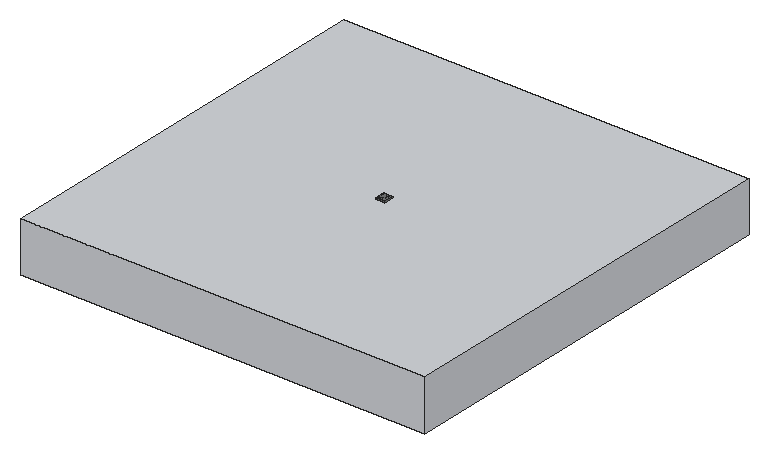
Revit family "Gira_264003", category Elektroinstallationen, Revit 2017
Family settings
  Basisbauteil = Fläche
  Beschriftungsausrichtung beibehalten = Nein
  Bemaßung runder Anschluss = Durchmesser verwenden
  Teiletyp = Normal
  Beim Laden mit Abzugskörper schneiden = Nein
  Gemeinsam genutzt = Nein
  Raumberechnungspunkt = Nein
Parameters
  With strain relief = no
  With imprint = no
  With hinged lid = no
  With dust cover = no
  Utilization = "Modular Jack"
  URL = "https://www.gira.de/"
  Typname = "Cov. 30° + in.sp. f. sup.ring MJ 2-g System 55 p.white"
  Type of fastening = "Other"
  Transparent = no
  Surface protection = "Other"
  Surface finishing = "Glossy"
  Support ring = no
  Suitable for degree of protection (IP) = "IP20"
  RAL-number (akin) = 9010
  Productwebsite = "http://katalog.gira.de/en/datenblatt.html?artikelnr=264003"
  Mounting method = "Other"
  Material quality = "Thermoplastic"
  Material = "Plastic"
  Luster terminal = no
  Imprintable label = "With indication plate"
  Hersteller = "Gira"
  Halogen free = yes
  HAN = "264003"
  GTIN = "4010337460138"
  Data sheet = "https://katalog.gira.de/en/download.html?artikelnr=264003"
  Colour = "White"
  Beschreibung = "Cov.30° in.sp.sup.r.MJ 2g Sys55 PW,Cover plate with 30 angled socket outlet and inscription field for Modular Jack support ring,,pure white glossy,"
  Bauelement = "Sys55_Abdeckung_Schalten und Tasten"
  Default Elevation = 1219.2 mm
  BIM = "https://media.stage.bim.site/public/gira/ad86d9f/Sys55_Abdeckung_Schalten%20und%20Tasten.rfa?public/gira/ad86d9f/Sys55_Abdeckung_Schalten und Tasten.rfa"
  Assembly arrangement = "Central cover plate"
  Anthrazit [instance] = Anthrazit
Reference planes
  plane 1 "Center (Front/Back)": y = 0
  plane 2: z = 0
  plane 3 "Center (Left/Right)": x = 0
Forms (mm)
  Extrusion 1, solid
    sketch origin (0, 0, 0) x (1, 0, 0) y (0, 1, 0)
      loop
        line (-1219.2, 1219.2) -> (-1219.2, -1219.2) -> (1219.2, -1219.2) -> (1219.2, 1219.2) -> (-1219.2, 1219.2)
    from 0 to -304.8
  Extrusion 2, solid, material "Anthrazit" <- "Anthrazit", detail levels fine
    sketch origin (0, 0, 0) x (1, 0, 0) y (0, 1, 0)
      loop
        line (-27.5, 27.5) -> (-27.5, -27.5) -> (27.5, -27.5) -> (27.5, 27.5) -> (-27.5, 27.5)
    from 0 to 8
  Extrusion 3, void
    sketch origin (0, 0, 0) x (1, 0, 0) y (0, 1, 0)
      loop
        line (26, 26) -> (-26, 26) -> (-26, -26) -> (26, -26) -> (26, 26)
    from 0 to 6
  Extrusion 4, solid, material "Anthrazit" <- "Anthrazit", detail levels medium
    sketch origin (0, 0, 0) x (1, 0, 0) y (0, 1, 0)
      loop
        line (-27.5, 27.5) -> (-27.5, -27.5) -> (27.5, -27.5) -> (27.5, 27.5) -> (-27.5, 27.5)
    from 0 to 8
  Extrusion 5, solid, material "Anthrazit" <- "Anthrazit", detail levels medium
    sketch origin (0, 0, 0) x (1, 0, 0) y (0, 1, 0)
      loop
        line (11, -17.5) -> (11, 17.5) -> (-11, 17.5) -> (-11, -17.5) -> (11, -17.5)
    from -6 to 6
  Extrusion 6, solid, material "Anthrazit" <- "Anthrazit", detail levels fine
    sketch origin (0, 0, 0) x (1, 0, 0) y (0, 1, 0)
      loop
        line (11, 17.5) -> (-11, 17.5) -> (-11, 16.5) -> (11, 16.5) -> (11, 17.5)
      loop
        line (-11, -16.5) -> (-11, -17.5) -> (11, -17.5) -> (11, -16.5) -> (-11, -16.5)
    from -4 to 6
  Extrusion 7, solid, material "Anthrazit" <- "Anthrazit", detail levels fine
    sketch origin (0, 0, 0) x (1, 0, 0) y (0, 1, 0)
      loop
        arc (5, 9.347) -> (0, 10.6) -> (-5, 9.347) r 10.6
        line (-5, 9.347) -> (-5, -9.347)
        arc (-5, -9.347) -> (0, -10.6) -> (5, -9.347) r 10.6
        line (5, -9.347) -> (5, 9.347)
    from -6 to 6
  Extrusion 8, solid, material "Anthrazit" <- "Anthrazit", detail levels coarse
    sketch origin (0, 0, 0) x (1, 0, 0) y (0, 1, 0)
      loop
        line (-27.5, 27.5) -> (-27.5, -27.5) -> (27.5, -27.5) -> (27.5, 27.5) -> (-27.5, 27.5)
    from -6 to 8
Cuts and joins
  Extrusion 3 cuts Extrusion 2
Dimensions and locks
  aligned and locked: plane 2 to Extrusion 1
  aligned and locked: level to Extrusion 1
